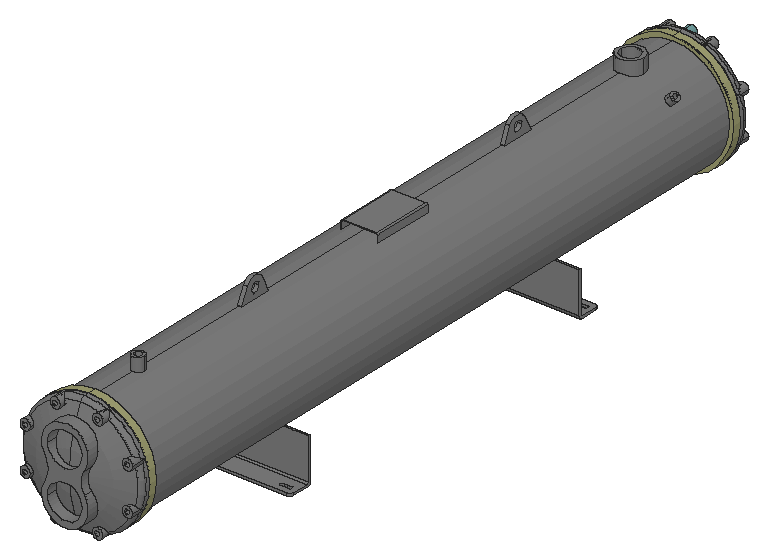
Revit family "MIT-BCM_360_4P", category Specialty Equipment, Revit 2022
Family settings
  Round Connector Dimension = Use Radius
  Part Type = Normal
  Work Plane-Based = No
  Always vertical = Yes
  Cut with Voids When Loaded = No
  Maintain Annotation Orientation = No
  Shared = No
  Room Calculation Point = No
Parameters
  URL = "https://en.ekinendustriyel.com/evaporators-and-condensers"
  Test Pressure = 64.35 bar
  Production Standard = "TS EN 13831"
  Operating Pressure = 45.0 bar
  Model = "MIT-BCM 360_4P"
  Manufacturer = "Ekin Endüstriyel"
  Keynote = "Condensers"
  Description = "MIT- Condensers"
  Default Elevation = 0 mm
Reference planes
  plane 1 "Center (Front/Back)": y = 0
  plane 2: z = 0
  plane 3 "Center (Left/Right)": x = 0
Forms (mm)
  Extrusion 1, solid, material "Ekin Endustriyel-S235JR", detail levels medium+fine
    sketch origin (0, 0, 0) x (1, 0, 0) y (0, 0, 1)
      loop
        circle (0, 216.5) r 136.55
    from -880 to 880
  Extrusion 2, solid, material "Ekin Endustriyel-S235JR", detail levels fine
    sketch origin (0, 0, 109.887) x (1, 0, 0) y (0, 0, 1)
      loop
        line (-45, 235.88) -> (-44, 235.88) -> (-44, 252.88)
        arc (-44, 252.88) -> (-43.414, 254.294) -> (-42, 254.88) r 2
        line (-42, 254.88) -> (42, 254.88)
        arc (42, 254.88) -> (43.414, 254.294) -> (44, 252.88) r 2
        line (44, 252.88) -> (44, 235.88) -> (45, 235.88) -> (45, 252.88)
        arc (45, 252.88) -> (44.121, 255.002) -> (42, 255.88) r 3
        line (42, 255.88) -> (-42, 255.88)
        arc (-42, 255.88) -> (-44.121, 255.002) -> (-45, 252.88) r 3
        line (-45, 252.88) -> (-45, 235.88)
    from -75 to 75
  Extrusion 3, solid, material "Ekin Endustriyel-S235JR", detail levels medium+fine
    sketch origin (0, 500.19, 28.671) x (1, 0, 0) y (0, 1, 0)
      loop
        circle (0, 249.81) r 32.5
      loop
        circle (0, 249.81) r 23.144
    from 354.329 to 306.293
  Extrusion 4, solid, material "Ekin Endustriyel-S235JR", detail levels medium+fine
    sketch origin (0, -499.666, 25.55) x (1, 0, 0) y (0, 1, 0)
      loop
        circle (0, -250.334) r 15
      loop
        circle (0, -250.334) r 8.928
    from 357.653 to 211.07
  Extrusion 5, solid, material "Ekin Endustriyel-S235JR", detail levels medium+fine
    sketch origin (71.72, 749.856, 264.541) x (0, 1, 0) y (-0.707107, 0, 0.707107)
      loop
        circle (0.144, 16.744) r 11
      loop
        circle (0.144, 16.744) r 6.244
    from 69.372 to -32.02
  Extrusion 6, solid, material "Ekin Endustriyel-S235JR", detail levels medium+fine
    sketch origin (0, -500.291, 0) x (1, 0, 0) y (0, 1, 0)
      loop
        circle (0, -249.709) r 25
      loop
        circle (0, -249.709) r 20.109
    from 50 to 169.15
  Extrusion 7, solid, material "Ekin Endustriyel-S235JR", detail levels coarse
    sketch origin (0, 0, 12.15) x (1, 0, 0) y (0, 0, 1)
      loop
        circle (0, 204.35) r 147.5
    from -956.952 to 963
  Extrusion 8, solid, material "Ekin Endustriyel-S235JR", detail levels medium+fine
    sketch origin (0, -275.334, 0) x (0, -1, 0) y (0, 0, -1)
      loop
        line (134.666, -9) -> (134.666, -110) -> (139.666, -110) -> (139.666, -9)
        arc (139.666, -9) -> (140.837, -6.172) -> (143.666, -5) r 4
        line (143.666, -5) -> (194.666, -5) -> (194.666, 0) -> (143.666, 0)
        arc (143.666, 0) -> (137.302, -2.636) -> (134.666, -9) r 9
    from -147.5 to 147.5
  Extrusion 9, void
    sketch origin (0, -470, 5) x (0, 1, 0) y (-1, 0, 0)
      loop
        arc (25.25, -111) -> (20, -105.75) -> (14.75, -111) r 5.25
        line (14.75, -111) -> (14.75, -131)
        arc (14.75, -131) -> (20, -136.25) -> (25.25, -131) r 5.25
        line (25.25, -131) -> (25.25, -111)
      loop
        arc (10, -147.5) -> (2.929, -144.571) -> (0, -137.5) r 10
        line (0, -137.5) -> (0, 137.5)
        arc (0, 137.5) -> (2.929, 144.571) -> (10, 147.5) r 10
        line (10, 147.5) -> (-10, 147.5) -> (-10, -147.5) -> (10, -147.5)
      loop
        line (14.75, 131) -> (14.75, 111)
        arc (14.75, 111) -> (20, 105.75) -> (25.25, 111) r 5.25
        line (25.25, 111) -> (25.25, 131)
        arc (25.25, 131) -> (20, 136.25) -> (14.75, 131) r 5.25
    from -5 to 0
  Extrusion 10, solid, material "Ekin Endustriyel-S235JR", detail levels medium+fine
    sketch origin (40, -549.666, 12.133) x (1, 0, 0) y (0, 0, 1)
      loop
        circle (-40, 261.867) r 42.65
      loop
        circle (-40, 146.867) r 42.65
      loop
        arc (7.514, 231.018) -> (-40, 318.517) -> (-87.514, 231.018) r 56.65
        arc (-87.514, 231.018) -> (-80.172, 204.367) -> (-87.514, 177.716) r 52.041
        arc (-87.514, 177.716) -> (-40, 90.217) -> (7.514, 177.716) r 56.65
        arc (7.514, 177.716) -> (0.172, 204.367) -> (7.514, 231.018) r 52.041
    from 390.526 to 423.361
  Extrusion 11, solid, material "Ekin Endustriyel-S235JR", detail levels medium+fine
    sketch origin (0, -549.666, 12.133) x (1, 0, 0) y (0, 0, -1)
      loop
        circle (-51.638, -329.097) r 12.5
      loop
        circle (-51.662, -329.09) r 6.25
      loop
        circle (51.638, -329.097) r 12.5
      loop
        circle (51.662, -329.09) r 6.25
      loop
        circle (-51.638, -79.637) r 12.5
      loop
        circle (-51.662, -79.643) r 6.25
      loop
        circle (51.638, -79.637) r 12.5
      loop
        circle (51.662, -79.643) r 6.25
      loop
        circle (-124.73, -152.728) r 12.5
      loop
        circle (-124.724, -152.704) r 6.25
      loop
        circle (-124.73, -256.005) r 12.5
      loop
        circle (-124.724, -256.029) r 6.25
      loop
        circle (124.73, -152.728) r 12.5
      loop
        circle (124.724, -152.704) r 6.25
      loop
        circle (124.73, -256.005) r 12.5
      loop
        circle (124.724, -256.029) r 6.25
    from -388.334 to -355.334
  Extrusion 12, solid, material "Ekin Endustriyel-S235JR", detail levels medium+fine
    sketch origin (0, -0.334, 79.238) x (0, -1, 0) y (0, 0, -1)
      loop
        line (-453.348, -247.026) -> (-422.806, -309.676)
        arc (-422.806, -309.676) -> (-400.334, -323.721) -> (-377.863, -309.676) r 25
        line (-377.863, -309.676) -> (-347.321, -247.026) -> (-453.348, -247.026)
      loop
        circle (-400.334, -298.721) r 12.5
      loop
        line (447.675, -257.291) -> (351.656, -257.291) -> (377.194, -309.676)
        arc (377.194, -309.676) -> (399.666, -323.721) -> (422.137, -309.676) r 25
        line (422.137, -309.676) -> (447.675, -257.291)
      loop
        circle (399.666, -298.721) r 12.5
    from -5 to 5
  Extrusion 13, solid, material "Ekin Endustriyel-AISI316L", detail levels medium+fine
    sketch origin (0, -549.666, 12.133) x (1, 0, 0) y (0, 0, 1)
      loop
        circle (0, 204.367) r 147.5
    from 330.334 to 350.334
  Revolve 14, solid, material "Ekin Endustriyel-S235JR", detail levels medium+fine
    sketch origin (0, -549.666, 12.133) x (0, 1, 0) y (0, 0, 1)
      loop
        line (-350.334, 351.867) -> (-361.403, 351.867)
        arc (-361.403, 351.867) -> (-369.114, 349.693) -> (-374.553, 343.811) r 14.761
        arc (-374.553, 343.811) -> (-399.668, 276.073) -> (-408.463, 204.367) r 310.769
        line (-408.463, 204.367) -> (-350.334, 204.367) -> (-350.334, 351.867)
      axis (-350.334, 204.367) -> (-408.463, 204.367)
    angle from 0 to 360
  Extrusion 15, solid, material "Ekin Endustriyel-S235JR", detail levels medium+fine
    sketch origin (0, 275.334, 0) x (0, 1, 0) y (0, 0, 1)
      loop
        arc (134.666, 9) -> (137.302, 2.636) -> (143.666, 0) r 9
        line (143.666, 0) -> (194.666, 0) -> (194.666, 5) -> (143.666, 5)
        arc (143.666, 5) -> (140.837, 6.172) -> (139.666, 9) r 4
        line (139.666, 9) -> (139.666, 110) -> (134.666, 110) -> (134.666, 9)
    from -147.5 to 147.5
  Extrusion 16, void
    sketch origin (0, 470, 5) x (0, -1, 0) y (1, 0, 0)
      loop
        line (25.25, 111) -> (25.25, 131)
        arc (25.25, 131) -> (20, 136.25) -> (14.75, 131) r 5.25
        line (14.75, 131) -> (14.75, 111)
        arc (14.75, 111) -> (20, 105.75) -> (25.25, 111) r 5.25
      loop
        line (10, 147.5) -> (-10, 147.5) -> (-10, -147.5) -> (10, -147.5)
        arc (10, -147.5) -> (2.929, -144.571) -> (0, -137.5) r 10
        line (0, -137.5) -> (0, 137.5)
        arc (0, 137.5) -> (2.929, 144.571) -> (10, 147.5) r 10
      loop
        arc (14.75, -131) -> (20, -136.25) -> (25.25, -131) r 5.25
        line (25.25, -131) -> (25.25, -111)
        arc (25.25, -111) -> (20, -105.75) -> (14.75, -111) r 5.25
        line (14.75, -111) -> (14.75, -131)
    from -5 to 0
  Extrusion 17, solid, material "Ekin Endustriyel-Zinc", detail levels medium+fine
    sketch origin (0, 549.666, 12.133) x (1, 0, 0) y (0, 0, 1)
      loop
        circle (-0.024, 337.295) r 12.5
    from -388.334 to -355.334
  Extrusion 18, solid, material "Ekin Endustriyel-AISI316L", detail levels medium+fine
    sketch origin (0, 549.666, 12.133) x (1, 0, 0) y (0, 0, -1)
      loop
        circle (0, -204.367) r 147.5
    from 330.334 to 350.334
  Revolve 19, solid, material "Ekin Endustriyel-S235JR", detail levels medium+fine
    sketch origin (0, 549.666, 12.133) x (0, -1, 0) y (0, 0, -1)
      loop
        line (-350.334, -351.867) -> (-350.334, -204.367) -> (-408.463, -204.367)
        arc (-408.463, -204.367) -> (-399.668, -276.073) -> (-374.553, -343.811) r 310.769
        arc (-374.553, -343.811) -> (-369.114, -349.693) -> (-361.403, -351.867) r 14.761
        line (-361.403, -351.867) -> (-350.334, -351.867)
      axis (-350.334, -204.367) -> (-408.463, -204.367)
    angle from 0 to 360
  Extrusion 20, solid, material "Ekin Endustriyel-S235JR", detail levels medium+fine
    sketch origin (0, 549.666, 12.133) x (1, 0, 0) y (0, 0, 1)
      loop
        circle (-51.638, 329.097) r 12.5
      loop
        circle (-51.662, 329.09) r 6.25
      loop
        circle (51.638, 329.097) r 12.5
      loop
        circle (51.662, 329.09) r 6.25
      loop
        circle (-51.638, 79.637) r 12.5
      loop
        circle (-51.662, 79.643) r 6.25
      loop
        circle (51.638, 79.637) r 12.5
      loop
        circle (51.662, 79.643) r 6.25
      loop
        circle (-124.73, 152.728) r 12.5
      loop
        circle (-124.724, 152.704) r 6.25
      loop
        circle (-124.73, 256.005) r 12.5
      loop
        circle (-124.724, 256.029) r 6.25
      loop
        circle (124.73, 152.728) r 12.5
      loop
        circle (124.724, 152.704) r 6.25
      loop
        circle (124.73, 256.005) r 12.5
      loop
        circle (124.724, 256.029) r 6.25
      loop
        circle (-0.024, 71.439) r 12.5
    from -388.334 to -355.334
  Extrusion 21, solid, material "Ekin Endustriyel-S235JR", detail levels medium+fine
    sketch origin (0, 549.666, 12.133) x (1, 0, 0) y (0, 0, 1)
      loop
        circle (-53.033, 151.334) r 17.46
      loop
        circle (53.033, 257.4) r 17.5
    from -407.286 to -355.334
Cuts and joins
  Extrusion 9, Extrusion 16 cuts Extrusion 8
  Extrusion 16 cuts Extrusion 15
  joined: Extrusion 1, Extrusion 3, Extrusion 4, Extrusion 5, Extrusion 6, Extrusion 8, Extrusion 12, Extrusion 15
Dimensions and locks
  aligned and locked: level to plane 2
Connectors
  piping at (0, -973.026, 274), diameter 76.2
    settings: on Extrusion 10, index 1, connector inside diameter 609.6 mm, connector length 0 mm, flow factor 0, pipe flow 0.0 L/s, pressure drop 0.0 Pa, fitting loss kfactor 0, connector angle 0.00°, fixture units 0, engagement length 0 mm, angle of deflection 0.00°, flow configuration 0, flow direction 1, fitting loss method 0, system type 7, joint type 0, gender type 0, connector reference index -1, connector utility 0, adjustable connector no, is connector primary yes, connector description ""
  piping at (0, -973.026, 159), diameter 76.2
    settings: on Extrusion 10, index 2, connector inside diameter 609.6 mm, connector length 0 mm, flow factor 0, pipe flow 0.0 L/s, pressure drop 0.0 Pa, fitting loss kfactor 0, connector angle 0.00°, fixture units 0, engagement length 0 mm, angle of deflection 0.00°, flow configuration 0, flow direction 2, fitting loss method 0, system type 7, joint type 0, gender type 0, connector reference index -1, connector utility 0, adjustable connector no, is connector primary no, connector description ""
  hvac at (0, 750, 383)
    settings: on Extrusion 3, index 3, duct flow 0.0 L/s, flow factor 0, pres drop 0.0 bar, loss coef 0, conn angle 0.00°, conn width 304.8 mm, conn height 304.8 mm, conn diameter 54 mm, duct sys type 3, conn prof type 0, flow config 0, flow direction 0, loss method 0, conn ref index -1, conn util no, is conn primary yes, conn desc ""
  hvac at (0, -750, 50)
    settings: on Extrusion 6, index 4, duct flow 0.0 L/s, flow factor 0, pres drop 0.0 bar, loss coef 0, conn angle 0.00°, conn width 304.8 mm, conn height 304.8 mm, conn diameter 42 mm, duct sys type 3, conn prof type 0, flow config 0, flow direction 0, loss method 0, conn ref index -1, conn util no, is conn primary no, conn desc ""
